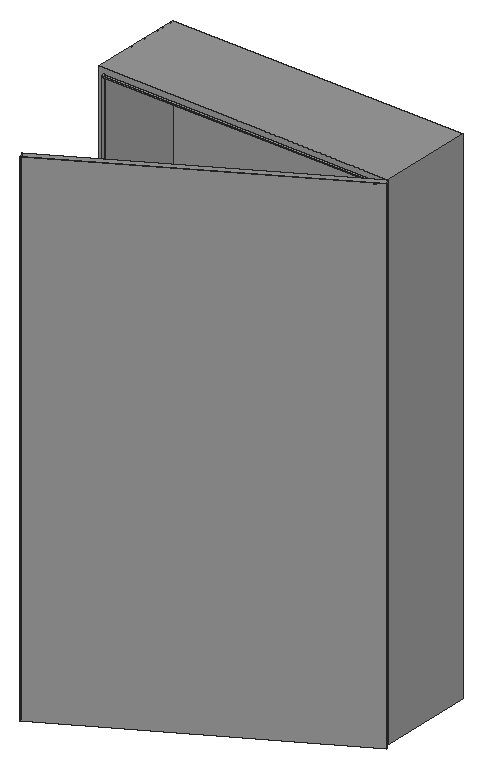
Revit family "Hager-Univers-IP55-D275-H1400-Cl.I-Steel_encl-NoHosted-CH-it", category Electrical Equipment, Revit 2020
Family settings
  Panel Configuration = Two Columns, Circuits Across
  Round Connector Dimension = Use Diameter
  Part Type = Panelboard
  Work Plane-Based = Yes
  Always vertical = Yes
  Cut with Voids When Loaded = No
  Shared = No
  Room Calculation Point = No
Parameters (values of type "A parete IP55 L800 A1400 P275  - FR93E")
  Width Control [instance] = if([EF000008 - Larghezza] > Min Width, [EF000008 - Larghezza], Min Width)  # 800 mm
  Type Comments = [HG000003 - Gamma]  # "Univers"
  Thickness Door [instance] = if([EF009171 - spessore materiale porta/coperchio] > 3 mm, 3 mm, [EF009171 - spessore materiale porta/coperchio])  # 1.5 mm
  Seal Frame Offset [instance] = 17 mm  # constant formula
  Plinth Visibility [instance] = [HG000027 - Altezza dello zoccolo] > 0 mm  # no
  Min Width [instance] = 100 mm  # constant formula
  Min Depth [instance] = (2 * [EF009170 - spessore materiale scatola]) + 1 mm  # 4 mm
  Min Height [instance] = 100 mm  # constant formula
  Internal Frame Depth [instance] = (Door System Depth * 0.5)  # 9 mm
  Panel Name [instance] = ""  # (empty or 0)
  Model = ""
  HG000027 - Altezza dello zoccolo = 0 mm
  HG000026 - A pavimento = no
  HG000024 - Altezza della sezione inferiore = 600 mm
  HG000023 - Custodia a doppia sezione = no
  HG000016 - Visibilità delle porte nella vista 3D [instance] = yes
  HG000015 - Visibilità attraverso la porta [instance] = no
  HG000014 - Porta destra [instance] = yes
  HG000013 - Porta sinistra [instance] = not([HG000014 - Porta destra])  # no
  HG000012 - Angolo di apertura della porta [instance] = 30.00°
  HG000010 - Porte asimmetriche = no
  HG000009 - Porta doppia a battente = no
  HG000006 - Ad incasso = no
  HG000004 - Codice produttore = "FR93E"
  HG000003 - Gamma = "Univers"
  HG000002 - Con porta = yes
  Frame Offset Bottom [instance] = 10 mm  # constant formula
  Frame Offset [instance] = 15 mm  # constant formula
  EF015940 - Coprire con rilascio di sovrapressione = no
  EF011959 - tipo di protezione (NEMA) = ""
  EF009554 - numero delle aperture per la piastra della flangia = 6
  EF009212 - esecuzione coperchio = "EV000116 - chiuso"
  EF009171 - spessore materiale porta/coperchio = 1.5 mm
  EF009170 - spessore materiale scatola = 1.5 mm
  EF008873 - corrente nominale (In) = 800 A
  EF007800 - adatto per parafulmine = no
  EF006306 - con serratura = no
  EF006244 - coperchio/porta trasparente = no
  EF005474 - grado di protezione (IP) = "EV006420 - IP55"
  EF004464 - tipo di porta = "EV002646 - singolo"
  EF004427 - numero di moduli = 324
  EF004293 - resistenza agli urti = "EV008784 - IK10"
  EF003532 - adatto per uso esterno = no
  EF002950 - Numero moduli DIN = 24
  EF001613 - Integrità del circuito = "EV000494 - senza"
  EF001596 - Attacco Lampada = "EV000179 - acciaio"
  EF001131 - profondità interna = 275 mm
  EF001088 - possibilità di applicazione = yes
  EF000437 - numero di ingressi per conduttori = 6
  EF000339 - tipo di copertura = "EV004216 - porta"
  EF000266 - numero di file = 9
  EF000218 - profondità di incasso = 0 mm
  EF000118 - con piastra di montaggio = no
  EF000116 - numero RAL = "7035"
  EF000049 - profondità = 275 mm
  EF000040 - Altezza = 1400 mm
  EF000008 - Larghezza = 800 mm
  EF000007 - colore = "EV000270 - grigio"
  EF000003 - Tipo di montaggio = "EV000384 - A parete"
  Door System Leaf Tolerance [instance] = 1.5 mm  # constant formula
  Door System Depth [instance] = 18 mm  # constant formula
  Door Height [instance] = Height Control - [HG000027 - Altezza dello zoccolo]  # 1400 mm
  Description = ""
  Default Elevation = 1219.2 mm
  Connector Offset [instance] = Height Control / 2  # 700 mm
  Manufacturer = "Hager"  # constant formula
  Height Control [instance] = if([EF000040 - Altezza] > Min Height, [EF000040 - Altezza], Min Height)  # 1400 mm
  Depth Control [instance] = if([EF000049 - profondità] > Min Depth, [EF000049 - profondità], Min Depth)  # 275 mm
  Bottom Top Plate Trim [instance] = 1.5 mm  # constant formula
  Plinth height Ctrl [instance] = if([HG000027 - Altezza dello zoccolo] > 0 mm, [HG000027 - Altezza dello zoccolo], 12 mm)  # 12 mm
Types (5, lengths in mm): name | Width Control | HG000010 - Porte asimmetriche | HG000009 - Porta doppia a battente | HG000004 - Codice produttore | EF009554 - numero delle aperture per la piastra della flangia | EF004464 - tipo di porta | EF004427 - numero di moduli | EF000437 - numero di ingressi per conduttori | EF000008 - Larghezza
  A parete IP55 L1050 A1400 P275  - FR94E | 1050 | no | yes | "FR94E" | 8 | "EV003602 - doppio" | 432 | 8 | 1050
  A parete IP55 L1300 A1400 P275  - FR95E | 1300 | yes | yes | "FR95E" | 10 | "EV003602 - doppio" | 540 | 10 | 1300
  A parete IP55 L300 A1400 P275  - FR91E | 300 | no | no | "FR91E" | 2 | "EV002646 - singolo" | 108 | 2 | 300
  A parete IP55 L550 A1400 P275  - FR92E | 550 | no | no | "FR92E" | 4 | "EV002646 - singolo" | 216 | 4 | 550
  A parete IP55 L800 A1400 P275  - FR93E | 800 | no | no | "FR93E" | 6 | "EV002646 - singolo" | 324 | 6 | 800
Reference planes
  plane 1 "Center (Front/Back)": y = 0
  plane 2: z = 0
  plane 3 "Center (Left/Right)": x = 0
  plane 4: y = 0
  plane 5: y = 0
  plane 6: z = 0
  plane 7: x = -400
  plane 8: x = 400
  plane 9: x = 398.5
  plane 10: x = -398.5
  plane 11: z = 0
  plane 12: z = 1.5
  plane 13: y = -275
  plane 14: y = -1.5
  plane 15: x = 0
  plane 16: y = -257
  plane 17: y = -273.5
  plane 18: y = -255.5
  plane 19: x = -383.5
  plane 20: x = 383.5
  plane 21: z = 11.5
  plane 22: x = -383
  plane 23: x = 383
  plane 24: z = 0
  plane 25: z = 1400
  plane 26: z = 1400
  plane 27: z = 1383.5
  plane 28: z = 1398.5
Forms (mm)
  Extrusion 1, solid, material "Hager_Steel_RAL7035_Light_Grey", detail levels medium+fine
    sketch origin (-208.679, -4572, 0) x (-1, 0, 0) y (0, -1, 0)
      loop
        line (191.321, -4315) -> (-608.679, -4315) -> (-608.679, -4572) -> (191.321, -4572) -> (191.321, -4315)
    from 0 to 1400
  Extrusion 2, void
    sketch origin (-350.771, -275, 1219.2) x (1, 0, 0) y (0, 0, 1)
      loop
        line (-47.729, 179.3) -> (-47.729, -1217.7) -> (749.271, -1217.7) -> (749.271, 179.3) -> (-47.729, 179.3)
    from -19.5 to -273.5
  Extrusion 3, void
    sketch origin (-290.084, -257, 1219.2) x (1, 0, 0) y (0, 0, 1)
      loop
        line (-93.416, -1207.7) -> (673.584, -1207.7) -> (673.584, 164.3) -> (-93.416, 164.3) -> (-93.416, -1207.7)
    from 0 to -1.5
  Extrusion 4, solid, material "Hager_Steel_RAL7035_Light_Grey", visible <- "Plinth Visibility", detail levels medium+fine
    sketch origin (0, 0, 0) x (1, 0, 0) y (0, 1, 0)
      loop
        line (-400, 0) -> (-400, -257) -> (400, -257) -> (400, 0) -> (-400, 0)
    from 0 to 12 <- "Plinth height Ctrl"
  Extrusion 5, solid, material "Hager_Steel_RAL7035_Light_Grey", detail levels coarse
    sketch origin (0, 0, 0) x (1, 0, 0) y (0, 1, 0)
      loop
        line (-400, 0) -> (-400, -275) -> (400, -275) -> (400, 0) -> (-400, 0)
    from 0 to 1400 <- "Height Control"
  Sweep 6, void
    path in 3D
      loop
        line (-400, -257, 12) -> (400, -257, 12) -> (400, 0, 12) -> (-400, 0, 12) -> (-400, -257, 12)
    profile origin (-400, -128.5, 12) x (1, 0, 0) y (0, 0, 1)
      loop
        line (0, 0) -> (0, -1.5) -> (1.5, -1.5)
        arc (1.5, -1.5) -> (1.061, -0.439) -> (0, 0) r 1.5
  Extrusion 7, solid, material "Hager_Steel_RAL7035_Light_Grey", detail levels fine
    sketch origin (-400, -257, 0) x (1, 0, 0) y (0, 0, 1)
      loop
        line (16.5, 11.5) -> (783.5, 11.5) -> (783.5, 1383.5) -> (16.5, 1383.5) -> (16.5, 11.5)
      loop
        line (15, 10) -> (785, 10) -> (785, 1385) -> (15, 1385) -> (15, 10)
    from 0 to 9 <- "Internal Frame Depth"
Cuts and joins
  Extrusion 2, Extrusion 3 cuts Extrusion 1
  Sweep 6 cuts Extrusion 4
Lines and regions (mm)
  Masking region 1
    outline origin (0, 0, 0) x (1, 0, 0) y (0, 1, 0)
      loop
        line (-400, 0) -> (-400, -275) -> (400, -275) -> (400, 0) -> (-400, 0)
  Masking region 2, detail levels coarse
    outline origin (-290.084, -257, 1219.2) x (-1, 0, 0) y (0, 0, 1)
      loop
        line (-690.084, -1219.2) -> (109.916, -1219.2) -> (109.916, 180.8) -> (-690.084, 180.8) -> (-690.084, -1219.2)
  Masking region 3, detail levels coarse
    outline origin (0, 0, 0) x (0, 1, 0) y (0, 0, 1)
      loop
        line (0, 0) -> (0, 1400) -> (-275, 1400) -> (-275, 0) -> (0, 0)
  Masking region 4, visible <- "Plinth Visibility", detail levels medium+fine
    outline origin (0, 0, 0) x (0, 1, 0) y (0, 0, 1)
      loop
        line (-1.5, 12) -> (-255.5, 12)
        arc (-255.5, 12) -> (-255.939, 10.939) -> (-257, 10.5) r 1.5
        line (-257, 10.5) -> (-257, 0) -> (0, 0) -> (0, 10.5)
        arc (0, 10.5) -> (-1.061, 10.939) -> (-1.5, 12) r 1.5
  Masking region 5, detail levels medium+fine
    outline origin (0, 0, 594.038) x (0, 1, 0) y (0, 0, 1)
      loop
        line (0, -594.038) -> (0, 805.962) -> (-257, 805.962) -> (-257, -594.038) -> (0, -594.038)
  Masking region 6, detail levels medium+fine
    outline origin (-359.7, -257, 1211.883) x (-1, 0, 0) y (0, 0, 1)
      loop
        line (-759.7, -1211.883) -> (40.3, -1211.883) -> (40.3, 188.117) -> (-759.7, 188.117) -> (-759.7, -1211.883)
  Masking region 7, visible <- "Plinth Visibility", detail levels medium+fine
    outline origin (-320.334, -257, 1041.368) x (-1, 0, 0) y (0, 0, 1)
      loop
        line (-720.334, -1041.368) -> (79.666, -1041.368) -> (79.666, -1030.868)
        arc (79.666, -1030.868) -> (78.606, -1030.429) -> (78.166, -1029.368) r 1.5
        line (78.166, -1029.368) -> (-718.834, -1029.368)
        arc (-718.834, -1029.368) -> (-719.273, -1030.429) -> (-720.334, -1030.868) r 1.5
        line (-720.334, -1030.868) -> (-720.334, -1041.368)
  sketch lines
    curve 1: line (-400, 0, 12) -> (-400, -257, 12)
    curve 2: line (-400, -257, 12) -> (400, -257, 12)
    curve 3: line (400, 0, 12) -> (-400, 0, 12)
    curve 4: line (400, -257, 12) -> (400, 0, 12)
Dimensions and locks
  locked: plane 1 "Center (Front/Back)" to plane 5
  "EF009170 - spessore materiale scatola": plane 7 to plane 10
  "EF009170 - spessore materiale scatola": plane 8 to plane 9
  equal spacing: plane 7, plane 3 "Center (Left/Right)", plane 8
  "Width Control": plane 7 to plane 8
  "Depth Control": plane 4 to plane 13
  "EF009170 - spessore materiale scatola": plane 4 to plane 14
  "Height Control": plane 25 to level
  "HG000027 - Altezza dello zoccolo": plane 11 to level
  "EF009170 - spessore materiale scatola": plane 12 to plane 11
  "EF009170 - spessore materiale scatola": plane 17 to plane 13
  "EF009170 - spessore materiale scatola": plane 18 to plane 16
  "Frame Offset Bottom": plane 21 to plane 12
  "Frame Offset": plane 10 to plane 19
  "Frame Offset": plane 9 to plane 20
  "Door System Depth": plane 16 to plane 13
  "Seal Frame Offset": plane 7 to plane 22
  "Seal Frame Offset": plane 8 to plane 23
  "EF009170 - spessore materiale scatola": plane 26 to plane 28
  "Frame Offset": plane 28 to plane 27
  "Connector Offset": plane 2 to connector elem
  "Bottom Top Plate Trim": profile plane to Sweep 6 sketch curve
  "Bottom Top Plate Trim": Sweep 6 sketch curve to Sweep 6 sketch curve
  "Plinth height Ctrl": Masking region 4 sketch curve to level
  "Plinth height Ctrl": Masking region 7 sketch curve to level
  "Thickness Door": Extrusion 7 sketch curve to Extrusion 7 sketch curve  (x4)
  "Bottom Top Plate Trim": radius of Sweep 6 sketch curve
  "Bottom Top Plate Trim": radius of Masking region 4 sketch curve  (x2)
  "Bottom Top Plate Trim": radius of Masking region 7 sketch curve  (x2)
  aligned and locked: Extrusion 2 sketch curve to plane 12
  aligned and locked: Extrusion 2 sketch curve to plane 9
  aligned and locked: Extrusion 2 sketch curve to plane 10
  aligned and locked: Extrusion 2 to plane 14
  aligned and locked: Extrusion 1 sketch curve to plane 4
  aligned and locked: plane 8 to Extrusion 1 sketch curve
  aligned and locked: plane 7 to Extrusion 1 sketch curve
  aligned and locked: Extrusion 2 to plane 18
  aligned and locked: Extrusion 3 sketch curve to plane 19
  aligned and locked: plane 20 to Extrusion 3 sketch curve
  aligned and locked: Extrusion 3 to Extrusion 2
  aligned and locked: Extrusion 3 sketch curve to plane 21
  aligned and locked: plane 3 "Center (Left/Right)" to nested 1
  aligned and locked: Extrusion 1 sketch curve to plane 16
  aligned and locked: Extrusion 4 sketch curve to cut or joined group of Extrusion 1, Extrusion 2, Extrusion 3
  aligned and locked: Masking region 1 sketch curve to plane 7
  aligned and locked: Masking region 1 sketch curve to plane 5
  aligned and locked: Masking region 1 sketch curve to plane 8
  aligned and locked: Masking region 2 sketch curve to level
  aligned and locked: level to Masking region 3 sketch curve
  aligned and locked: plane 1 "Center (Front/Back)" to Masking region 3 sketch curve
  aligned and locked: plane 13 to Masking region 3 sketch curve
  aligned and locked: plane 5 to Masking region 4 sketch curve
  aligned and locked: Masking region 2 sketch curve to plane 8
  aligned and locked: Masking region 2 sketch curve to plane 7
  aligned and locked: plane 7 to nested 2
  aligned and locked: nested 2 to plane 5
  aligned and locked: plane 5 to Masking region 5 sketch curve
  aligned and locked: plane 26 to Masking region 5 sketch curve
  aligned and locked: Extrusion 5 sketch curve to plane 8
  aligned and locked: Extrusion 5 sketch curve to plane 7
  aligned and locked: Extrusion 5 sketch curve to plane 5
  aligned and locked: Extrusion 3 sketch curve to plane 27
  aligned and locked: Extrusion 2 sketch curve to plane 28
  aligned and locked: Masking region 2 to plane 25
  aligned and locked: Extrusion 4 to plane 16
  aligned and locked: profile plane to Sweep 6 sketch curve
  aligned and locked: Masking region 5 sketch curve to plane 24
  aligned and locked: level to Masking region 4 sketch curve
  aligned and locked: Masking region 1 to plane 13
  aligned and locked: nested 1 to plane 16
  aligned and locked: Masking region 3 to plane 25
  aligned and locked: plane 16 to Masking region 4 sketch curve
  aligned and locked: Masking region 5 sketch curve to plane 16
  aligned and locked: plane 24 to plane 11
  aligned and locked: plane 26 to plane 25
  aligned and locked: plane 26 to cut or joined group of Extrusion 1, Extrusion 2, Extrusion 3
  aligned and locked: nested 1 to plane 24
  aligned and locked: Extrusion 1 to Extrusion 3
  aligned and locked: Masking region 6 sketch curve to plane 8
  aligned and locked: Masking region 6 sketch curve to plane 24
  aligned and locked: Masking region 6 sketch curve to plane 7
  aligned and locked: Masking region 6 sketch curve to plane 26
  aligned and locked: Masking region 7 sketch curve to plane 7
  aligned and locked: level to Masking region 7 sketch curve
  aligned and locked: Masking region 7 sketch curve to plane 8
  aligned and locked: Extrusion 7 sketch curve to cut or joined group of Extrusion 1, Extrusion 2, Extrusion 3  (x4)
Automatic sketch dimensions
  plane 19 to Extrusion 3 sketch curve = 0 mm
  Extrusion 3 sketch curve to plane 20 = 0 mm
  Extrusion 3 sketch curve to plane 21 = 0 mm
  Extrusion 4 sketch curve to plane 7 = 0 mm
  Extrusion 4 sketch curve to plane 8 = 0 mm
  Extrusion 4 sketch curve to plane 16 = 0 mm
  Masking region 1 sketch curve to plane 13 = 0 mm
  Masking region 2 sketch curve to plane 25 = 0 mm
  Masking region 3 sketch curve to plane 25 = 0 mm
  Extrusion 5 sketch curve to plane 13 = 0 mm
  profile plane to Sweep 6 sketch curve = 0 mm
Nested families
  nested 1: "EC000058_Univers_Door" at (0, -257, 0), Double <- "HG000009 - Porta doppia a battente", Transparent <- "EF006244 - coperchio/porta trasparente", Angle <- "HG000012 - Angolo di apertura della porta", Door_Right <- "HG000014 - Porta destra", Assymetrical <- "HG000010 - Porte asimmetriche", Door <- "HG000002 - Con porta", Width_Ctrl <- "Width Control", 3d_Door <- "HG000016 - Visibilità delle porte nella vista 3D", Clearance <- "HG000015 - Visibilità attraverso la porta", Door_Left <- "HG000013 - Porta sinistra", Width <- "Width Control", Door_Depth <- "Door System Depth", Leaf_Tolerance <- "Door System Leaf Tolerance", Height <- "Door Height", Lock_Visibility <- "EF006306 - con serratura", Thickness <- "Thickness Door", type "EC000058_Univers_Door", detail levels medium+fine
    with min_wh 4 mm, Width_Ctrl 800 mm, Width 800 mm, Transparent no, Thickness 1.5 mm, Seal_Material Hager_Rubber, Lock_Visibility no, Lock_Material Hager_Plastic_RAL9005_Jet_Black, Leaf_Width 800 mm, Leaf_Tolerance_External_Sides 0 mm, Leaf_Tolerance 1.5 mm, Leaf_Offset 0 mm, Leaf_Height 1397 mm, Leaf_2_Width 800 mm, Leaf_2_Offset 400 mm, Leaf_1_Width 800 mm, Leaf_1_Offset 400 mm, Height_Ctrl 1400 mm, Height 1400 mm, Glass_Material Hager_Glass, Double_Clearance_Ctrl no, Double no, Door_Right_Ctrl yes, Door_Right yes, Door_Material Hager_Steel_RAL7035_Light_Grey, Door_Left_Ctrl no, Door_Left no, Door_Depth 18 mm, Door yes, Clearance_Material Hager_Clearance, Clearance_Depth 800 mm, Clearance_Ctrl no, Clearance no, Assymetrical no, Angle 30.00°, 3d_Door yes
  nested 2: "Hager_Enclosure_Symbol" at (-400, 0, 0), Height <- "Depth Control", Width <- "Width Control", type "Hager_Enclosure_Symbol"
    with Width_Ctrl 800 mm, Width 800 mm, Height_Ctrl 275 mm, Height 275 mm, A_Width_Int 18.047 mm, A_Width 216.562 mm, A_Height_Ctrl 240.625 mm, A_Height 240.625 mm
Connectors
  electrical at (0, 0, 700)
    settings: on plane 1 "Center (Front/Back)", index 1, voltage 0 V, apparent load 0 VA, apparent load phase1 0 VA, apparent load phase2 0 VA, apparent load phase3 0 VA, power factor 1, load classification "Other", number of poles 1, system type 30, power factor state 1, is connector primary yes, connector utility no, sub classification motor no, connector description ""
Definition of nested family "EC000058_Univers_Door"
  Parameters (values of type "EC000058_Univers_Door")
    min_wh [instance] = (2 * Thickness) + 1 mm  # 11 mm
    Width_Ctrl [instance] = 400 mm
    Width [instance] = 500 mm
    Transparent [instance] = yes
    Thickness [instance] = 5 mm
    Seal_Material [instance] = none
    Lock_Visibility [instance] = yes
    Lock_Material [instance] = none
    Leaf_Width [instance] = if((Width_Ctrl - 2 * Leaf_Tolerance_External_Sides) > 0 mm, (Width_Ctrl - 2 * Leaf_Tolerance_External_Sides), min_wh)  # 400 mm
    Leaf_Tolerance_External_Sides [instance] = 0 mm  # constant formula
    Leaf_Tolerance [instance] = 1.5 mm
    Leaf_Offset [instance] = 0 mm  # constant formula
    Leaf_Height [instance] = if((Height_Ctrl - 2 * Leaf_Tolerance) > 0 mm, (Height_Ctrl - 2 * Leaf_Tolerance), min_wh)  # 497 mm
    Leaf_2_Width [instance] = if(and(and(Double, Assymetrical), Door_Left), (Leaf_Width / 3) - (Leaf_Tolerance / 2), if(and(and(Double, Assymetrical), Door_Right), (Leaf_Width / 3) * 2 - (Leaf_Tolerance / 2), if(and(Double, not(Assymetrical)), (Leaf_Width / 2) - Leaf_Tolerance, Leaf_Width)))  # 400 mm
    Leaf_2_Offset [instance] = if(and(Double, Assymetrical), Leaf_2_Width / 2, if(and(Double, not(Assymetrical)), Leaf_Width / 4, Leaf_Width / 2))  # 200 mm
    Leaf_1_Width [instance] = if(and(and(Double, Assymetrical), Door_Right), (Leaf_Width / 3) - (Leaf_Tolerance / 2), if(and(and(Double, Assymetrical), Door_Left), (Width / 3) * 2 - (Leaf_Tolerance / 2), if(and(Double, not(Assymetrical)), (Leaf_Width / 2) - Leaf_Tolerance, Leaf_Width)))  # 400 mm
    Leaf_1_Offset [instance] = if(and(Double, Assymetrical), Leaf_1_Width / 2, if(and(Double, not(Assymetrical)), Leaf_Width / 4, Leaf_Width / 2))  # 200 mm
    Height_Ctrl [instance] = if(Height > min_wh, Height, min_wh)  # 500 mm
    Height [instance] = 500 mm
    Glass_Material [instance] = none
    Double_Clearance_Ctrl [instance] = and(Double, Clearance)  # no
    Double [instance] = no
    Door_Right_Ctrl [instance] = and(or(Door_Right, Double), Door)  # yes
    Door_Right [instance] = yes
    Door_Material [instance] = none
    Door_Left_Ctrl [instance] = and(or(Door_Left, Double), Door)  # no
    Door_Left [instance] = no
    Door_Depth [instance] = 30 mm
    Door [instance] = yes
    Default Elevation = 1219.2 mm
    Clearance_Material [instance] = none
    Clearance_Depth [instance] = if(Leaf_1_Width > Leaf_2_Width, Leaf_1_Width, Leaf_2_Width)  # 400 mm
    Clearance_Ctrl [instance] = and(not(Double), Clearance)  # yes
    Clearance [instance] = yes
    Assymetrical [instance] = yes
    Angle [instance] = 30.00°
    3d_Door [instance] = yes
  Reference planes
    plane 1 "Center (Front/Back)": y = 0
    plane 2 "Bottom": z = 0
    plane 3 "Center (Left/Right)": x = 0
    plane 4: z = 500
    plane 5: x = -200
    plane 6: x = 200
    plane 7: z = 500
    plane 8: x = -200
    plane 9: z = 0
    plane 10: x = 200
    plane 11: y = 0
    plane 12: z = 1.5
    plane 13: x = -600
    plane 14: y = -400
    plane 15: x = 600
    plane 16: x = 0
    plane 17: x = 0
    plane 18: x = -200
    plane 19: x = 200
    plane 20: z = 498.5
  Forms (mm)
    Extrusion 1, solid, material <- "Clearance_Material", visible <- "Double_Clearance_Ctrl"
      sketch origin (1200, 0, 0) x (1, 0, 0) y (0, 0, -1)
        loop
          line (-1800, -498.5) -> (-600, -498.5) -> (-600, 0) -> (-1800, 0) -> (-1800, -498.5)
      from 0 to -400
  Dimensions and locks
    equal spacing: plane 5, plane 3 "Center (Left/Right)", plane 6
    "Width_Ctrl": plane 5 to plane 6
    "Leaf_Offset": plane 5 to plane 8
    "Leaf_Offset": plane 6 to plane 10
    "Leaf_Offset": plane 9 to level
    "Leaf_Offset": plane 4 to plane 7
    "Height_Ctrl": plane 4 to level
    "Leaf_Tolerance": plane 12 to plane 9
    locked: plane 11 to plane 1 "Center (Front/Back)"
    "Leaf_1_Offset": plane 18 to plane 16
    "Leaf_2_Offset": plane 17 to plane 19
    "Leaf_1_Width": plane 13 to plane 8
    "Leaf_2_Width": plane 10 to plane 15
    "Clearance_Depth": plane 14 to plane 1 "Center (Front/Back)"
    "Leaf_Tolerance_External_Sides": plane 8 to plane 18
    "Leaf_Tolerance_External_Sides": plane 19 to plane 10
    "Leaf_Tolerance": plane 7 to plane 20
    aligned and locked: level to plane 2 "Bottom"
    aligned and locked: nested 1 to plane 16
    aligned and locked: nested 2 to plane 17
    aligned and locked: Extrusion 1 to plane 13
    aligned and locked: plane 15 to Extrusion 1
    aligned and locked: Extrusion 1 to plane 14
    aligned and locked: plane 12 to nested 1
    aligned and locked: nested 2 to plane 12
    aligned and locked: Extrusion 1 to plane 11
    aligned and locked: plane 20 to Extrusion 1
    aligned and locked: nested 2 to plane 11
    aligned and locked: nested 1 to plane 11
  Automatic sketch dimensions
    Extrusion 1 sketch curve to level = 0 mm
    plane 5 to Extrusion 1 sketch curve = 400 mm
    plane 6 to Extrusion 1 sketch curve = 400 mm
    Extrusion 1 sketch curve to plane 4 = 1.5 mm
  Nested families
    nested 1: "EC000058_Univers_Door_Leaf" at (0, 0, 1.5), Width <- "Leaf_1_Width", visible <- "Door_Left_Ctrl", Leaf_Height <- "Leaf_Height", Angle <- "Angle", 3d_Door <- "3d_Door", Transparent <- "Transparent", Clearance Material <- "Clearance_Material", Clearance <- "Clearance_Ctrl", Door_Material <- "Door_Material", Glass_Material <- "Glass_Material", Door_Depth <- "Door_Depth", Lock_Material <- "Lock_Material", Seal_Material <- "Seal_Material", Lock_Visibility <- "Lock_Visibility", Thickness <- "Thickness", type "EC000058_Univers_Door_Leaf"
      with Width 400 mm, Transparent_Glass_Offset 30 mm, Transparent_Ctrl yes, Transparent yes, Thickness 5 mm, Standard no, Seal_Material none, Seal_D2 8 mm, Seal_D1 1 mm, Offset_Internal_Frame 10 mm, Lock_Width 20 mm, Lock_Visibility_3d yes, Lock_Visibility yes, Lock_Thickness_3 3 mm, Lock_Thickness_2 1 mm, Lock_Thickness_1 3 mm, Lock_Radius_Offset_2 16 mm, Lock_Radius_Offset_1 15 mm, Lock_Radius_2 5 mm, Lock_Radius 6 mm, Lock_Offset 5 mm, Lock_Material none, Lock_Height 80 mm, Lock_Cover_Top_Offset_2d 17 mm, Lock_Cover_Height -65 mm, Leaf_Height 497 mm, Internal_Seal_Thickness 8 mm, Internal_Seal_Depth_2 4.5 mm, Internal_Frame_Depth 25 mm, Glass_Thickness -1 mm, Glass_Offset -2 mm, Glass_Material none, Door_Material none, Door_Depth 30 mm, Clearance Material none, Clearance yes, Angle_Ctrl 30.00°, Angle 30.00°, 3d_Door yes
    nested 2: "EC000058_Univers_Door_Leaf" at (0, 0, 1.5) x (-1, 0, 0) z (0, 0, 1), Width <- "Leaf_2_Width", visible <- "Door_Right_Ctrl", Leaf_Height <- "Leaf_Height", Angle <- "Angle", 3d_Door <- "3d_Door", Transparent <- "Transparent", Clearance Material <- "Clearance_Material", Clearance <- "Clearance_Ctrl", Door_Material <- "Door_Material", Glass_Material <- "Glass_Material", Door_Depth <- "Door_Depth", Lock_Material <- "Lock_Material", Seal_Material <- "Seal_Material", Lock_Visibility <- "Lock_Visibility", Thickness <- "Thickness", type "EC000058_Univers_Door_Leaf"
      with Width 400 mm, Transparent_Glass_Offset 30 mm, Transparent_Ctrl yes, Transparent yes, Thickness 5 mm, Standard no, Seal_Material none, Seal_D2 8 mm, Seal_D1 1 mm, Offset_Internal_Frame 10 mm, Lock_Width 20 mm, Lock_Visibility_3d yes, Lock_Visibility yes, Lock_Thickness_3 3 mm, Lock_Thickness_2 1 mm, Lock_Thickness_1 3 mm, Lock_Radius_Offset_2 16 mm, Lock_Radius_Offset_1 15 mm, Lock_Radius_2 5 mm, Lock_Radius 6 mm, Lock_Offset 5 mm, Lock_Material none, Lock_Height 80 mm, Lock_Cover_Top_Offset_2d 17 mm, Lock_Cover_Height -65 mm, Leaf_Height 497 mm, Internal_Seal_Thickness 8 mm, Internal_Seal_Depth_2 4.5 mm, Internal_Frame_Depth 25 mm, Glass_Thickness -1 mm, Glass_Offset -2 mm, Glass_Material none, Door_Material none, Door_Depth 30 mm, Clearance Material none, Clearance yes, Angle_Ctrl 30.00°, Angle 30.00°, 3d_Door yes
  Definition of nested family "EC000058_Univers_Door_Leaf"
    Parameters (values of type "EC000058_Univers_Door_Leaf")
      Width [instance] = 2000 mm
      Transparent_Glass_Offset [instance] = 30 mm
      Transparent_Ctrl [instance] = and(Transparent, [3d_Door])  # yes
      Transparent [instance] = yes
      Thickness [instance] = 5 mm
      Standard [instance] = and(not(Transparent), [3d_Door])  # no
      Seal_Material [instance] = none
      Seal_D2 [instance] = 8 mm  # constant formula
      Seal_D1 [instance] = 1 mm  # constant formula
      Offset_Internal_Frame [instance] = 10 mm  # constant formula
      Lock_Width [instance] = 20 mm  # constant formula
      Lock_Visibility_3d [instance] = and(Lock_Visibility, [3d_Door])  # yes
      Lock_Visibility [instance] = yes
      Lock_Thickness_3 [instance] = 3 mm  # constant formula
      Lock_Thickness_2 [instance] = 1 mm  # constant formula
      Lock_Thickness_1 [instance] = 3 mm  # constant formula
      Lock_Radius_Offset_2 [instance] = Lock_Radius_Offset_1 + 1 mm  # 16 mm
      Lock_Radius_Offset_1 [instance] = 15 mm  # constant formula
      Lock_Radius_2 [instance] = Lock_Radius - 1 mm  # 5 mm
      Lock_Radius [instance] = 6 mm  # constant formula
      Lock_Offset [instance] = 5 mm  # constant formula
      Lock_Material [instance] = none
      Lock_Height [instance] = 80 mm  # constant formula
      Lock_Cover_Top_Offset_2d [instance] = Lock_Radius_Offset_2 + 1 mm  # 17 mm
      Lock_Cover_Height [instance] = -(Lock_Height - Lock_Radius_Offset_1)  # -65 mm
      Leaf_Height [instance] = 2720.336 mm
      Internal_Seal_Thickness [instance] = 8 mm  # constant formula
      Internal_Seal_Depth_2 [instance] = 4.5 mm  # constant formula
      Internal_Frame_Depth [instance] = if(Door_Depth - Thickness > 5 mm, Door_Depth - Thickness, 5 mm)  # 25 mm
      Glass_Thickness [instance] = if(Thickness > 15 mm, Glass_Offset + 10 mm, -1 mm)  # -1 mm
      Glass_Offset [instance] = if(Thickness > 15 mm, -(Thickness + 10 mm) / 2, -2 mm)  # -2 mm
      Glass_Material [instance] = none
      Door_Material [instance] = none
      Door_Depth [instance] = 30 mm
      Default Elevation = 0 mm
      Clearance Material [instance] = none
      Clearance [instance] = yes
      Angle_Ctrl [instance] = if(Angle > 180.00°, 180.00°, Angle)  # 90.00°
      Angle [instance] = 90.00°
      3d_Door [instance] = yes
    Reference planes
      plane 1 "Center (Front/Back)": y = 0
      plane 2: z = 0
      plane 3 "Center (Left/Right)": x = 0
      plane 4: y = 2000
      plane 5: x = -1000
      plane 6: x = 1000
      plane 7: x = -3000
      plane 8: z = 2720.336
      plane 9: z = 30
      plane 10: z = 2690.336
      plane 11: x = 970
      plane 12: x = -970
      plane 13: y = -3
      plane 14: z = 107.833
      plane 15: y = -5
      plane 16: y = -223.314
      plane 17: x = -1000
      plane 18: z = 1360.168
      plane 19: y = 30
    Forms (mm)
      Extrusion 1, solid, material <- "Clearance Material", visible <- "Clearance"
        sketch origin (0, 0, 0) x (1, 0, 0) y (0, 0, 1)
          loop
            line (-3000, 2720.336) -> (-3000, 0) -> (1000, 0) -> (1000, 2720.336) -> (-3000, 2720.336)
        from 0 to -2000
      Extrusion 2, solid, material <- "Door_Material", visible <- "Standard", detail levels medium+fine
        sketch origin (-1000, 0, 0) x (0, 1, 0) y (-1, 0, 0)
          loop
            line (0, 30) -> (0, 25) -> (2000, 25) -> (2000, 30) -> (0, 30)
        from 0 to 2720.336 <- "Leaf_Height"
      Extrusion 3, solid, material <- "Door_Material", visible <- "Transparent_Ctrl", detail levels medium+fine
        sketch origin (-1000, 0, 0) x (0, 1, 0) y (-1, 0, 0)
          loop
            line (0, 25) -> (2000, 25) -> (2000, 30) -> (0, 30) -> (0, 25)
        from 0 to 2720.336 <- "Leaf_Height"
      Extrusion 4, void
        sketch origin (-1025, 2000, 0) x (0, 1, 0) y (0, 0, -1)
          loop
            line (-30, -2690.336) -> (-30, -30) -> (-1970, -30) -> (-1970, -2690.336) -> (-30, -2690.336)
        from 0 to 5 <- "Thickness"
      Sweep 5, solid, material <- "Seal_Material", visible <- "Transparent_Ctrl", detail levels fine
        path in 3D
          loop
            line (-1025, 30, 30) -> (-1025, 30, 2690.336) -> (-1025, 1970, 2690.336) -> (-1025, 1970, 30) -> (-1025, 30, 30)
        profile origin (-1025, 1000, 30) x (1, 0, 0) y (0, 0, 1)
          loop
            line (0, 0) -> (0, -8) -> (1, -8) -> (1, 0) -> (0, 0)
      Extrusion 6, solid, material <- "Glass_Material", visible <- "Transparent_Ctrl", detail levels medium+fine
        sketch origin (-1030, 0, 0) x (0, 1, 0) y (0, 0, -1)
          loop
            line (1970, -2690.336) -> (1970, -30) -> (30, -30) -> (30, -2690.336) -> (1970, -2690.336)
        from -2 <- "Glass_Offset" to -1 <- "Glass_Thickness"
      Extrusion 7, solid, material <- "Door_Material", visible <- "3d_Door", detail levels medium+fine
        sketch origin (-1025, 2000, 0) x (0, -1, 0) y (0, 0, -1)
          loop
            line (0, -2720.336) -> (2000, -2720.336) -> (2000, 0) -> (0, 0) -> (0, -2720.336)
          loop
            line (1995, -5) -> (5, -5) -> (5, -2715.336) -> (1995, -2715.336) -> (1995, -5)
        from 0 to 25 <- "Internal_Frame_Depth"
      Sweep 8, solid, material <- "Seal_Material", visible <- "Transparent_Ctrl", detail levels fine
        path in 3D
          loop
            line (-1025, 0, 0) -> (-1025, 2000, 0) -> (-1025, 2000, 2720.336) -> (-1025, 0, 2720.336) -> (-1025, 0, 0)
        profile origin (-1025, 0, 1360.168) x (1, 0, 0) y (0, 1, 0)
          loop
            line (0, 10) -> (2.975, 10)
            arc (2.975, 10) -> (4.053, 10.447) -> (4.5, 11.525) r 1.525
            line (4.5, 11.525) -> (4.5, 16.527)
            arc (4.5, 16.527) -> (4.069, 17.569) -> (3.027, 18) r 1.473
            line (3.027, 18) -> (0, 18) -> (0, 10)
      Extrusion 9, solid, material <- "Lock_Material", visible <- "Lock_Visibility_3d", detail levels fine
        sketch origin (-1030, 0, 0) x (0, 1, 0) y (0, 0, -1)
          loop
            arc (1993.5, -1400.168) -> (1994.561, -1399.729) -> (1995, -1398.668) r 1.5
            line (1995, -1398.668) -> (1995, -1320.168) -> (1975, -1320.168) -> (1975, -1398.668)
            arc (1975, -1398.668) -> (1975.439, -1399.729) -> (1976.5, -1400.168) r 1.5
            line (1976.5, -1400.168) -> (1993.5, -1400.168)
        from 3 <- "Lock_Thickness_1" to 0
      Blend 10, solid, material <- "Lock_Material", visible <- "Lock_Visibility_3d", detail levels fine
        base sketch origin (-1033, 0, 0) x (0, 1, 0) y (0, 0, -1)
          loop
            line (1975, -1320.168) -> (1975, -1398.668)
            arc (1975, -1398.668) -> (1975.439, -1399.729) -> (1976.5, -1400.168) r 1.5
            line (1976.5, -1400.168) -> (1993.5, -1400.168)
            arc (1993.5, -1400.168) -> (1994.561, -1399.729) -> (1995, -1398.668) r 1.5
            line (1995, -1398.668) -> (1995, -1320.168) -> (1975, -1320.168)
        top sketch origin (-1033, 0, 0) x (0, 1, 0) y (0, 0, -1)
          loop
            line (1976, -1320.168) -> (1976, -1398.668)
            arc (1976, -1398.668) -> (1976.146, -1399.022) -> (1976.5, -1399.168) r 0.5
            line (1976.5, -1399.168) -> (1993.5, -1399.168)
            arc (1993.5, -1399.168) -> (1993.854, -1399.022) -> (1994, -1398.668) r 0.5
            line (1994, -1398.668) -> (1994, -1320.168) -> (1976, -1320.168)
        from 0 to 1 <- "Lock_Thickness_2"
      Blend 11, solid, material <- "Lock_Material", visible <- "Lock_Visibility_3d", detail levels fine
        base sketch origin (-1034, 0, 0) x (0, 1, 0) y (0, 0, -1)
          loop
            line (1978, -1320.168) -> (1978, -1384.168)
            arc (1978, -1384.168) -> (1985, -1391.168) -> (1992, -1384.168) r 7
            line (1992, -1384.168) -> (1992, -1320.168) -> (1978, -1320.168)
        top sketch origin (-1034, 0, 0) x (0, 1, 0) y (0, 0, -1)
          loop
            line (1991, -1320.168) -> (1979, -1320.168) -> (1979, -1383.168)
            arc (1979, -1383.168) -> (1985, -1389.168) -> (1991, -1383.168) r 6
            line (1991, -1383.168) -> (1991, -1320.168)
        from 0 to 3 <- "Lock_Thickness_3"
      Extrusion 12, solid, material <- "Lock_Material", visible <- "Lock_Visibility_3d", detail levels fine
        sketch origin (-1030, 1975, 1320.168) x (1, 0, 0) y (0, -1, 0)
          loop
            line (-7, -19) -> (-7, -1) -> (0, -1) -> (0, 0) -> (-8, 0) -> (-8, -20) -> (0, -20) -> (0, -19) -> (-7, -19)
        from 0 to -65 <- "Lock_Cover_Height"
      Extrusion 13, void
        sketch origin (-1038, 1995, 1320.168) x (-1, 0, 0) y (0, 0, -1)
          loop
            line (-5, -65) -> (0, -65) -> (-5, -60) -> (-5, -65)
        from 0 to 20 <- "Lock_Width"
      Extrusion 14, void
        sketch origin (-1038, 1975, 1320.168) x (0, -1, 0) y (0, 0, -1)
          loop
            circle (-10, -15.995) r 6
          loop
            circle (-10, -15.995) r 5
        from 0 to 2
      Extrusion 15, solid, material <- "Lock_Material", visible <- "Lock_Visibility_3d", detail levels medium
        sketch origin (-1030, 0, 0) x (0, 1, 0) y (0, 0, -1)
          loop
            arc (1993.5, -1400.168) -> (1994.561, -1399.729) -> (1995, -1398.668) r 1.5
            line (1995, -1398.668) -> (1995, -1320.168) -> (1975, -1320.168) -> (1975, -1398.668)
            arc (1975, -1398.668) -> (1975.439, -1399.729) -> (1976.5, -1400.168) r 1.5
            line (1976.5, -1400.168) -> (1993.5, -1400.168)
        from 8 to 0
    Cuts and joins
      Extrusion 4 cuts Extrusion 3
      Extrusion 13, Extrusion 14 cuts Extrusion 9
      Extrusion 14 cuts Blend 11
      Extrusion 13, Extrusion 14 cuts Extrusion 12
      joined: Extrusion 9, Blend 10, Blend 11, Extrusion 12
      Extrusion 14 cuts Extrusion 15
    Lines and regions (mm)
      Masking region 1, visible <- "Lock_Visibility", detail levels fine
        outline origin (0, 0, 0) x (0, 1, 0) y (0, 0, 1)
          loop
            line (30, 1320.168) -> (33, 1320.168) -> (33, 1400.168) -> (30, 1400.168) -> (30, 1320.168)
      Masking region 2, visible <- "Lock_Visibility", detail levels fine
        outline origin (0, 3.143, 0) x (0, 1, 0) y (0, 0, 1)
          loop
            line (29.857, 1354.168) -> (30.857, 1354.168) -> (30.857, 1366.168) -> (29.857, 1366.168) -> (29.857, 1354.168)
      Masking region 3, detail levels medium+fine
        outline origin (0, 0, 0) x (0, 1, 0) y (0, 0, 1)
          loop
            line (0, 0) -> (30, 0) -> (30, 2720.336) -> (0, 2720.336) -> (0, 0)
      Masking region 4, detail levels medium+fine
        outline origin (0, 0, 0) x (1, 0, 0) y (0, 0, 1)
          loop
            line (-1000, 2720.336) -> (-1000, 0) -> (1000, 0) -> (1000, 2720.336) -> (-1000, 2720.336)
      Masking region 5, visible <- "Lock_Visibility", detail levels fine
        outline origin (-47.116, 0, 0) x (1, 0, 0) y (0, 0, 1)
          loop
            arc (1024.616, 1399.168) -> (1023.556, 1398.729) -> (1023.116, 1397.668) r 1.5
            line (1023.116, 1397.668) -> (1023.116, 1320.168) -> (1041.116, 1320.168) -> (1041.116, 1397.668)
            arc (1041.116, 1397.668) -> (1040.677, 1398.729) -> (1039.616, 1399.168) r 1.5
            line (1039.616, 1399.168) -> (1024.616, 1399.168)
      Masking region 6, visible <- "Lock_Visibility", detail levels medium+fine
        outline origin (-25, 0, 0) x (1, 0, 0) y (0, 0, 1)
          loop
            arc (1001.5, 1400.168) -> (1000.439, 1399.729) -> (1000, 1398.668) r 1.5
            line (1000, 1398.668) -> (1000, 1320.168) -> (1020, 1320.168) -> (1020, 1398.668)
            arc (1020, 1398.668) -> (1019.561, 1399.729) -> (1018.5, 1400.168) r 1.5
            line (1018.5, 1400.168) -> (1001.5, 1400.168)
      Masking region 7, visible <- "Lock_Visibility", detail levels fine
        outline origin (-73.735, 0, 0) x (1, 0, 0) y (0, 0, 1)
          loop
            line (1051.735, 1382.168) -> (1065.735, 1382.168) -> (1065.735, 1384.168)
            arc (1065.735, 1384.168) -> (1058.735, 1391.168) -> (1051.735, 1384.168) r 7
            line (1051.735, 1384.168) -> (1051.735, 1382.168)
      Masking region 8, visible <- "Lock_Visibility", detail levels fine
        outline origin (-73.735, 0, 0) x (1, 0, 0) y (0, 0, 1)
          loop
            line (1052.735, 1382.168) -> (1064.735, 1382.168) -> (1064.735, 1383.168)
            arc (1064.735, 1383.168) -> (1058.735, 1389.168) -> (1052.735, 1383.168) r 6
            line (1052.735, 1383.168) -> (1052.735, 1382.168)
      Masking region 9, visible <- "Lock_Visibility", detail levels fine
        outline origin (-25, 0, 0) x (1, 0, 0) y (0, 0, 1)
          loop
            line (1020, 1320.168) -> (1020, 1382.168) -> (1000, 1382.168) -> (1000, 1320.168) -> (1020, 1320.168)
      Masking region 10, detail levels medium+fine
        outline origin (0, 0, 0) x (1, 0, 0) y (0, 0, 1)
          loop
            circle (985, 1335.144) r 6
      Masking region 11, detail levels fine
        outline origin (0, 0, 0) x (1, 0, 0) y (0, 0, 1)
          loop
            circle (985, 1335.144) r 5
      Masking region 12, visible <- "Lock_Visibility", detail levels fine
        outline origin (0, 12.767, 0) x (0, 1, 0) y (0, 0, 1)
          loop
            line (20.233, 1320.168) -> (21.233, 1320.168) -> (21.233, 1399.168) -> (20.233, 1400.168) -> (20.233, 1320.168)
      Masking region 13, visible <- "Lock_Visibility", detail levels fine
        outline origin (0, 13.767, -10) x (0, 1, 0) y (0, 0, 1)
          loop
            line (20.233, 1330.168) -> (23.233, 1330.168) -> (23.233, 1399.168) -> (20.233, 1402.168) -> (20.233, 1330.168)
      Masking region 14, visible <- "Lock_Visibility", detail levels fine
        outline origin (0, 12.767, -10) x (0, 1, 0) y (0, 0, 1)
          loop
            line (20.233, 1330.168) -> (25.233, 1330.168) -> (25.233, 1399.305) -> (20.233, 1394.305) -> (20.233, 1330.168)
      Masking region 15, visible <- "Lock_Visibility", detail levels medium
        outline origin (0, 0, 0) x (0, 1, 0) y (0, 0, 1)
          loop
            line (30, 1320.168) -> (38, 1320.168) -> (38, 1400.168) -> (30, 1400.168) -> (30, 1320.168)
      Masking region 16, visible <- "Lock_Visibility", detail levels fine
        outline origin (-1000, 0, 0) x (0, 1, 0) y (-1, 0, 0)
          loop
            line (1975, 30) -> (1995, 30) -> (1995, 38) -> (1975, 38) -> (1975, 30)
          loop
            line (1979, 37) -> (1976, 37) -> (1976, 34) -> (1978, 34) -> (1979, 37)
          loop
            line (1994, 37) -> (1991, 37) -> (1992, 34) -> (1994, 34) -> (1994, 37)
      Masking region 17, visible <- "Lock_Visibility", detail levels medium
        outline origin (-1000, 0, 0) x (0, 1, 0) y (-1, 0, 0)
          loop
            line (1975, 30) -> (1995, 30) -> (1995, 38) -> (1975, 38) -> (1975, 30)
      symbolic lines
        curve 1: line (1000, 0, 0) -> (-3000, 0, 0)
        curve 2: arc (1000, 0, 0) -> (-1000, 2000, 0) -> (-3000, 0, 0) r 2000
        curve 4: line (-1030, 0, 0) -> (-1030, 2000, 0)
      reference lines
        curve 3: line (-1000, 0, 0) -> (-1000, 2000, 0)
      symbolic lines, detail levels medium+fine
        curve 5: line (-1030, 2000, 0) -> (-1025, 2000, 0)
        curve 7: line (-1025, 0, 0) -> (-1030, 0, 0)
        curve 8: line (-1025, 0, 0) -> (-1000, 0, 0)
        curve 9: line (-1000, 0, 0) -> (-1000, 2000, 0)
        curve 10: line (-1000, 2000, 0) -> (-1025, 2000, 0)
      symbolic lines, detail levels fine
        curve 6: line (-1025, 2000, 0) -> (-1025, 0, 0)
      sketch lines
        curve 11: line (-1025, 0, 2720.336) -> (-1025, 0, 0)
        curve 12: line (-1025, 2000, 0) -> (-1025, 0, 0)
        curve 13: line (-1025, 2000, 2720.336) -> (-1025, 2000, 0)
        curve 14: line (-1025, 0, 2720.336) -> (-1025, 2000, 2720.336)
        curve 15: line (-1025, 1970, 30) -> (-1025, 30, 30)
        curve 16: line (-1025, 30, 30) -> (-1025, 30, 2690.336)
        curve 17: line (-1025, 1970, 2690.336) -> (-1025, 1970, 30)
        curve 18: line (-1025, 30, 2690.336) -> (-1025, 1970, 2690.336)
      symbolic lines, visible <- "Transparent", detail levels medium+fine
        curve 19: line (-970, 0, 2690.336) -> (970, 0, 2690.336)
        curve 20: line (-970, 0, 30) -> (-970, 0, 2690.336)
        curve 21: line (970, 0, 30) -> (-970, 0, 30)
        curve 22: line (970, 0, 2690.336) -> (970, 0, 30)
    Dimensions and locks
      "Width": plane 1 "Center (Front/Back)" to plane 4
      equal spacing: plane 5, plane 3 "Center (Left/Right)", plane 6
      "Width": plane 5 to plane 6
      "Width": plane 7 to plane 5
      "Leaf_Height": plane 8 to level
      "Width": curve 5 to curve 3
      "Width": curve 3 to curve 3
      plane 8 to plane 10 = 30 mm
      plane 9 to level = 30 mm
      plane 12 to plane 5 = 30 mm
      plane 6 to plane 11 = 30 mm
      Extrusion 1 to Extrusion 4 sketch curve = 30 mm
      "Transparent_Glass_Offset": curve 3 to Extrusion 4 sketch curve
      "Transparent_Glass_Offset": Extrusion 4 sketch curve to cut or joined group of Extrusion 3, Extrusion 4  (x2)
      cut or joined group of Extrusion 3, Extrusion 4 to Extrusion 6 sketch curve = 30 mm
      "Transparent_Glass_Offset": cut or joined group of Extrusion 3, Extrusion 4 to Extrusion 4 sketch curve
      "Thickness": curve 6 to curve 4
      "Thickness": Extrusion 7 sketch curve to Extrusion 7 sketch curve  (x4)
      "Door_Depth": curve 4 to curve 3
      "Offset_Internal_Frame": profile plane to Sweep 8 sketch curve
      "Internal_Seal_Thickness": Sweep 8 sketch curve to Sweep 8 sketch curve
      "Internal_Seal_Depth_2": profile plane to Sweep 8 sketch curve
      "Seal_D1": profile plane to Sweep 5 sketch curve
      "Seal_D2": profile plane to Sweep 5 sketch curve
      "Thickness": Extrusion 2 sketch curve to Extrusion 2 sketch curve
      equal spacing: Extrusion 9 sketch curve, plane 18, Extrusion 9 sketch curve  (x2)
      equal spacing: Masking region 1 sketch curve, plane 18, Masking region 1 sketch curve
      "Lock_Height": Masking region 1 sketch curve to Masking region 1 sketch curve
      "Lock_Radius": Masking region 2 sketch curve to plane 18 to Masking region 2 sketch curve
      Masking region 2 sketch curve to Masking region 1 = 1 mm
      "Door_Depth": plane 19 to plane 1 "Center (Front/Back)"
      "Lock_Thickness_1": Masking region 1 sketch curve to plane 19
      "Lock_Width": Extrusion 9 sketch curve to Extrusion 9 sketch curve
      "Lock_Height": Extrusion 9 sketch curve to Extrusion 9 sketch curve
      "Lock_Offset": cut or joined group of Extrusion 3, Extrusion 4 to Extrusion 9 sketch curve
      equal spacing: plane 8, plane 18, level
      "Lock_Radius_Offset_1": Blend 11 sketch curve to Blend 10
      locked: Blend 10 to Blend 11 sketch curve at 2  (x2)
      locked: var sketch to Blend 11 sketch curve at 1  (x2)
      "Lock_Radius_Offset_2": Blend 11 sketch curve to Blend 10
      locked: Extrusion 12 sketch curve to Extrusion 12 sketch curve at 1  (x3)
      Masking region 6 sketch curve to Masking region 6 sketch curve = 80 mm
      "Lock_Height": Masking region 6 sketch curve to Masking region 6 sketch curve
      "Lock_Width": Masking region 6 sketch curve to Masking region 6 sketch curve
      locked: Masking region 6 to Masking region 5 sketch curve at 1  (x3)
      locked: Masking region 5 to Masking region 7 sketch curve at 2  (x2)
      "Lock_Radius_Offset_1": Masking region 5 to Masking region 7 sketch curve
      "Lock_Radius_Offset_2": Masking region 5 to Masking region 8 sketch curve
      locked: Masking region 7 to Masking region 8 sketch curve at 1  (x2)
      "Lock_Cover_Top_Offset_2d": Masking region 5 to Masking region 9 sketch curve
      equal spacing: Masking region 9, Masking region 10 sketch curve, Masking region 9
      equal spacing: Masking region 9, Masking region 11 sketch curve, Masking region 9
      Extrusion 15 sketch curve to Extrusion 15 sketch curve = 80 mm
      "Lock_Width": Extrusion 15 sketch curve to Extrusion 15 sketch curve
      "Lock_Height": Extrusion 15 sketch curve to Extrusion 15 sketch curve
      equal spacing: Extrusion 15 sketch curve, plane 18, Extrusion 15 sketch curve
      "Lock_Thickness_3": Masking region 13 sketch curve to Masking region 13 sketch curve
      "Lock_Height": Masking region 12 sketch curve to Masking region 12 sketch curve
      locked: Masking region 13 sketch curve to Masking region 1 at 8
      locked: Masking region 14 sketch curve to Masking region 13 at 1
      locked: Masking region 14 sketch curve to Masking region 1 at 10.863
      "Lock_Height": Masking region 15 sketch curve to Masking region 15 sketch curve
      "Lock_Offset": Extrusion 15 sketch curve to cut or joined group of Extrusion 3, Extrusion 4
      "Lock_Offset": plane 6 to Masking region 6 sketch curve
      radius of Sweep 8 sketch curve = 1.525 mm
      radius of Sweep 8 sketch curve = 1.473 mm
      radius of Extrusion 9 sketch curve = 1.5 mm  (x2)
      "Lock_Radius": radius of Extrusion 14 sketch curve
      "Lock_Radius_2": radius of Extrusion 14 sketch curve
      "Lock_Radius": radius of Masking region 10 sketch curve
      "Lock_Radius_2": radius of Masking region 11 sketch curve
      radius of Extrusion 15 sketch curve = 1.5 mm  (x2)
      "Angle_Ctrl": angle plane 1 "Center (Front/Back)" to curve 3
      locked: Masking region 12 sketch curve to Masking region 12 sketch curve (angle 45.00°)
      locked: Masking region 13 sketch curve to Masking region 13 sketch curve (angle 45.00°)
      locked: Masking region 14 sketch curve to Masking region 14 sketch curve (angle 45.00°)
      aligned and locked: level to plane 2
      aligned and locked: Extrusion 1 to curve 1
      aligned and locked: plane 6 to Extrusion 1
      aligned and locked: Extrusion 1 to plane 1 "Center (Front/Back)"
      aligned and locked: plane 4 to Extrusion 1
      aligned and locked: plane 8 to Extrusion 1
      aligned and locked: curve 7 to Extrusion 2 sketch curve
      aligned and locked: curve 5 to Extrusion 2 sketch curve
      aligned and locked: curve 7 to Extrusion 3 sketch curve
      aligned and locked: Extrusion 3 sketch curve to curve 4
      aligned and locked: Extrusion 3 sketch curve to curve 6
      aligned and locked: Extrusion 3 sketch curve to curve 5
      aligned and locked: curve 9 to curve 3
      aligned and locked: Extrusion 7 sketch curve to cut or joined group of Extrusion 3, Extrusion 4  (x4)
      aligned and locked: plane 17 to curve 3
      aligned and locked: plane 1 "Center (Front/Back)" to curve 3
      aligned and locked: plane 17 to plane 5
      aligned and locked: Sweep 8 sketch curve to profile plane
      aligned and locked: Sweep 5 sketch curve to profile plane  (x2)
      aligned and locked: Masking region 1 to Masking region 2 sketch curve
      aligned and locked: plane 19 to Masking region 1 sketch curve
      aligned and locked: plane 1 "Center (Front/Back)" to Masking region 3 sketch curve
      aligned and locked: plane 19 to Masking region 3 sketch curve
      aligned and locked: level to Masking region 3 sketch curve
      aligned and locked: Masking region 3 sketch curve to plane 8
      aligned and locked: plane 17 to Masking region 4 sketch curve
      aligned and locked: level to Masking region 4 sketch curve
      aligned and locked: Masking region 4 sketch curve to plane 8
      aligned and locked: plane 12 to curve 20
      aligned and locked: plane 10 to curve 19
      aligned and locked: plane 11 to curve 22
      aligned and locked: curve 21 to plane 9
      aligned and locked: Extrusion 2 sketch curve to cut or joined group of Extrusion 3, Extrusion 4
      aligned and locked: Blend 10 sketch curve to Extrusion 9  (x4)
      aligned and locked: Extrusion 9 to Blend 10 sketch curve
      aligned and locked: Blend 10 to Blend 11 sketch curve
      aligned and locked: Extrusion 12 sketch curve to Blend 11
      aligned and locked: Extrusion 12 sketch curve to Extrusion 9  (x4)
      aligned and locked: Masking region 5 sketch curve to Masking region 6
      aligned and locked: Masking region 9 sketch curve to Masking region 6  (x3)
      aligned and locked: Masking region 12 sketch curve to Masking region 1
      aligned and locked: Masking region 13 sketch curve to Masking region 1
      aligned and locked: Masking region 12 to Masking region 14
      aligned and locked: Masking region 14 sketch curve to Masking region 1
      aligned and locked: Masking region 15 sketch curve to Masking region 14
      aligned and locked: Masking region 13 sketch curve to Masking region 12
      aligned and locked: Masking region 16 sketch curve to cut or joined group of Extrusion 14, Extrusion 15  (x4)
      aligned and locked: Masking region 16 sketch curve to cut or joined group of Extrusion 9, Blend 10, Blend 11, Extrusion 12, Extrusion 13, Extrusion 14  (x6)
      aligned and locked: cut or joined group of Extrusion 9, Blend 10, Blend 11, Extrusion 12, Extrusion 13, Extrusion 14 to Masking region 16 sketch curve
      aligned and locked: Masking region 17 sketch curve to cut or joined group of Extrusion 14, Extrusion 15  (x3)
      aligned and locked: Masking region 17 sketch curve to cut or joined group of Extrusion 9, Blend 10, Blend 11, Extrusion 12, Extrusion 13, Extrusion 14
      aligned and locked: Masking region 9 to Masking region 8 sketch curve
      aligned and locked: Masking region 9 to Masking region 7 sketch curve
    Automatic sketch dimensions
      plane 1 "Center (Front/Back)" to curve 2 = 0 mm
      curve 2 to plane 5 = 0 mm
      Extrusion 1 sketch curve to level = 0 mm
      Extrusion 1 sketch curve to plane 7 = 0 mm
      Extrusion 1 sketch curve to plane 6 = 0 mm
      Extrusion 1 sketch curve to plane 8 = 0 mm
      Extrusion 3 to Extrusion 6 sketch curve = 30 mm  (x4)
      Masking region 4 sketch curve to plane 6 = 0 mm
      Blend 10 sketch curve to Extrusion 9 = 1.5 mm
      Blend 10 sketch curve to Extrusion 9 = 1 mm
      Extrusion 13 sketch curve to Extrusion 12 = 0 mm  (x2)
      Extrusion 12 to Extrusion 13 sketch curve = 3 mm
      Extrusion 13 sketch curve to Extrusion 12 = 5 mm
      Extrusion 14 sketch curve to Extrusion 14 sketch curve = 0 mm  (x2)
      Extrusion 14 sketch curve to Extrusion 12 = 10 mm
      Extrusion 14 sketch curve to Extrusion 12 = 15.995 mm
      Masking region 5 sketch curve to Masking region 5 sketch curve = 1.5 mm  (x2)
      Masking region 10 sketch curve to plane 18 = 25.024 mm
      Masking region 11 sketch curve to plane 18 = 25.024 mm
      plane 19 to Masking region 14 sketch curve = 3 mm
      Masking region 16 sketch curve to Masking region 16 sketch curve = 3 mm
      curve 4 to curve 3 = 0 mm
      Blend 10 to Blend 11 sketch curve = 0 mm
      Masking region 6 sketch curve to Masking region 6 sketch curve = 1.5 mm  (x2)
      Masking region 6 sketch curve to plane 18 = 40 mm
      plane 19 to Masking region 12 sketch curve = 3 mm
      Masking region 12 sketch curve to Masking region 12 sketch curve = 1 mm
      Masking region 15 sketch curve to plane 19 = 0 mm
      Masking region 15 sketch curve to plane 18 = 40 mm
      radius of Blend 10 sketch curve to Extrusion 9 = 1 mm
Definition of nested family "Hager_Enclosure_Symbol"
  Parameters (values of type "Hager_Enclosure_Symbol")
    Width_Ctrl [instance] = if(Width > 1 mm, Width, 1 mm)  # 102.27 mm
    Width [instance] = 102.27 mm
    Height_Ctrl [instance] = if(Height > 1 mm, Height, 1 mm)  # 66.5 mm
    A_Width_Int [instance] = if(A_Width / 12 > 2 mm, A_Width / 12, 2 mm)  # 4.364 mm
    A_Width [instance] = if(A_Height_Ctrl * 0.9 > 2 mm, A_Height_Ctrl * 0.9, 2 mm)  # 52.369 mm
    A_Height_Ctrl [instance] = if(A_Height > 2 mm, A_Height, 2 mm)  # 58.188 mm
    Height [instance] = 66.5 mm
    A_Height [instance] = Height - (Height / 8)  # 58.188 mm
  Reference planes
    plane 1 "Centre (avant/arrière)": y = 0
    plane 2: z = 0
    plane 3 "Centre (gauche/droite)": x = 0
    plane 4: x = 52.369
    plane 5: y = 33.042
    plane 6: y = 41.77
    plane 7: y = 66.5
    plane 8: x = 26.184
    plane 9: y = 37.406
    plane 10: x = 102.27
    plane 11: y = 66.5
    plane 12: y = 8.313
  Lines and regions (mm)
    Filled region 1, type "Solid_Black", in view "Niveau de réf."
      outline origin (0, 0, 0) x (1, 0, 0) y (0, 1, 0)
        loop
          line (52.369, 66.5) -> (33.188, 54.536) -> (45.365, 45.006) -> (52.369, 66.5)
    Filled region 2, type "Solid_Black", in view "Niveau de réf."
      outline origin (0, 0, 0) x (1, 0, 0) y (0, 1, 0)
        loop
          line (0, 0) -> (102.27, 0) -> (102.27, 66.5) -> (0, 0)
    detail lines, in view "Niveau de réf."
      curve 1: line (0, 8.313, 0) -> (26.184, 41.77, 0)
      curve 2: line (26.184, 41.77, 0) -> (26.184, 33.042, 0)
      curve 3: line (26.184, 33.042, 0) -> (52.369, 66.5, 0)
  Dimensions and locks
    "A_Width": plane 3 "Centre (gauche/droite)" to plane 4
    equal spacing: plane 3 "Centre (gauche/droite)", plane 8, plane 4
    equal spacing: plane 6, plane 9, plane 5
    equal spacing: curve 3, Filled region 1 sketch curve, Filled region 1 sketch curve
    "Height_Ctrl": plane 1 "Centre (avant/arrière)" to plane 11
    "A_Height_Ctrl": plane 11 to plane 12
    equal spacing: plane 11, plane 9, plane 12
    "A_Width_Int": plane 6 to plane 9
    "Width_Ctrl": plane 3 "Centre (gauche/droite)" to plane 10
    angle Filled region 1 sketch curve to curve 3 = 20.00°
    angle curve 3 to Filled region 1 sketch curve = 20.00°
    locked: curve 3 to Filled region 1 sketch curve (angle 90.00°)
    aligned and locked: plane 10 to Filled region 2
    aligned and locked: plane 11 to Filled region 2 sketch curve
    aligned and locked: plane 10 to Filled region 2 sketch curve
    aligned and locked: plane 3 "Centre (gauche/droite)" to curve 1
    aligned and locked: plane 12 to curve 1
    aligned and locked: plane 7 to plane 11
  Automatic sketch dimensions
    Filled region 1 sketch curve to plane 4 = 0 mm
    Filled region 1 sketch curve to plane 7 = 0 mm
    plane 1 "Centre (avant/arrière)" to Filled region 2 sketch curve = 0 mm
    Filled region 2 sketch curve to plane 3 "Centre (gauche/droite)" = 0 mm
    curve 2 to plane 6 = 0 mm
    curve 2 to plane 8 = 0 mm
    curve 3 to plane 4 = 0 mm
    curve 2 to plane 5 = 0 mm
    curve 3 to plane 7 = 0 mm
